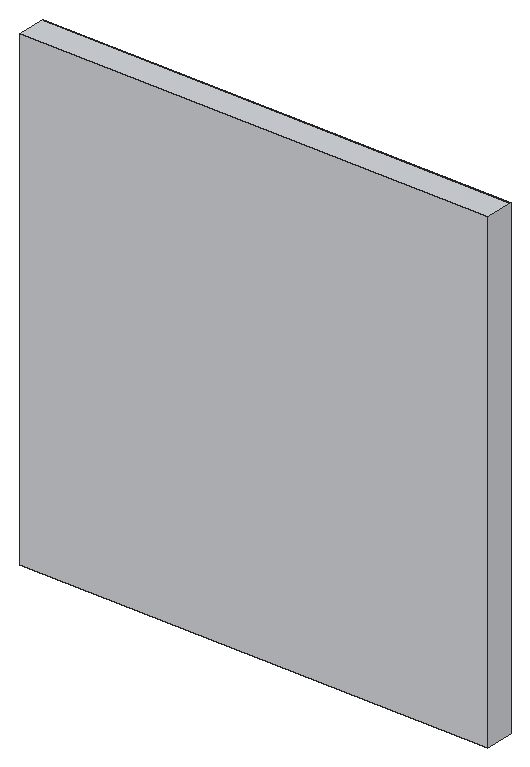
Revit family "WP-Panel_T1", category Generic Models, host Wall, Revit 2011
Parameters (values of type "4'x4'")
  Width = 47"
  URL = "http://www.wengercorp.com/Home/Contact.html"
  Type Comments = "Pyramidal"
  Pyramid Peak Width = 36 3/4"
  Pyramid Peak Height = 19 5/8"
  Part Number = "161F125"
  Manufacturer = "Wenger Corporation"
  Keynote = "Wenger Acoustic Wall Diffuser Panel (Type 1)"
  Height = 47"
  Description = "Acoustic Panel"
  2nd Thickness = 2 7/8"
  Thickness = 2 7/8"
Reference planes (in)
  plane 1: y = 0
  plane 2 "Center (Left/Right)": x = 0
  plane 3 "Wall Edge": y = 3
  plane 4 "Middle Thickness": y = 5.875
  plane 5 "Base Thickness": y = 3
  plane 6 "Front Thickness": y = 8.75
  plane 7 "Bottom": z = 33.51047
  plane 8 "Top": z = 80.51047
  plane 9 "Center (Top/Bottom)": z = 57.01047
  plane 10 "Left Side": x = -23.5
  plane 11 "Right Side": x = 23.5
  plane 12: x = -13.25
  plane 13: z = 53.13547
Forms (in)
  Extrusion 1, solid
    sketch origin (0, 3, 0) x (1, 0, 0) y (0, 0, 1)
      loop
        line (23.5, 80.51047) -> (-23.5, 80.51047) -> (-23.5, 32.76047) -> (23.5, 32.76047) -> (23.5, 80.51047)
    from 0 to -2.875
  Blend 2, solid
    base sketch origin (0, 5.875, 0) x (-1, 0, 0) y (0, 0, 1)
      loop
        line (-23.5, 80.51047) -> (-23.5, 33.51047) -> (23.5, 33.51047) -> (23.5, 80.51047) -> (-23.5, 80.51047)
    top sketch origin (0, 5.875, 0) x (-1, 0, 0) y (0, 0, 1)
      loop
        line (13.25, 53.13547) -> (13.25, 53.46481) -> (12.84608, 53.46481) -> (12.84608, 53.13547) -> (13.25, 53.13547)
    from 0 to 2.875
Text (in)
  text "Placement Side" at (0, 40.15149, 123.01588), in view "Right"
  text "Placement Side" at (-93.18779, 51.08548, 0), in view "Ref. Level"
  text "Placement Side" at (0, 81.62555, 140.59947), in view "Left"
Dimensions and locks (in)
  locked: plane 3 "Wall Edge" to host wall
  locked: host wall to plane 5 "Base Thickness" at 3
  "Thickness": plane 4 "Middle Thickness" to plane 5 "Base Thickness"
  "2nd Thickness": plane 6 "Front Thickness" to plane 4 "Middle Thickness"
  equal spacing: plane 10 "Left Side", plane 2 "Center (Left/Right)", plane 11 "Right Side"
  "Width": plane 10 "Left Side" to plane 11 "Right Side"
  equal spacing: plane 7 "Bottom", plane 9 "Center (Top/Bottom)", plane 8 "Top"
  "Height": plane 7 "Bottom" to plane 8 "Top"
  "Pyramid Peak Width": plane 12 to plane 11 "Right Side"
  "Pyramid Peak Height": plane 7 "Bottom" to plane 13
  Extrusion 1 sketch curve to Extrusion 1 sketch curve = 47 3/4"
  aligned and locked: plane 8 "Top" to Extrusion 1 sketch curve
  aligned and locked: Extrusion 1 sketch curve to plane 11 "Right Side"
  aligned and locked: plane 10 "Left Side" to Extrusion 1 sketch curve
  aligned and locked: Blend 2 sketch curve to plane 8 "Top"
  aligned and locked: plane 11 "Right Side" to Blend 2 sketch curve
  aligned and locked: plane 7 "Bottom" to Blend 2 sketch curve
  aligned and locked: Blend 2 sketch curve to plane 10 "Left Side"
  aligned and locked: plane 12 to Blend 2 sketch curve
  aligned and locked: plane 13 to Blend 2 sketch curve
  aligned and locked: plane 6 "Front Thickness" to Blend 2
Automatic sketch dimensions
  plane 12 to Blend 2 sketch curve = 0.40392"
  Blend 2 sketch curve to Blend 2 sketch curve = 0.32934"
